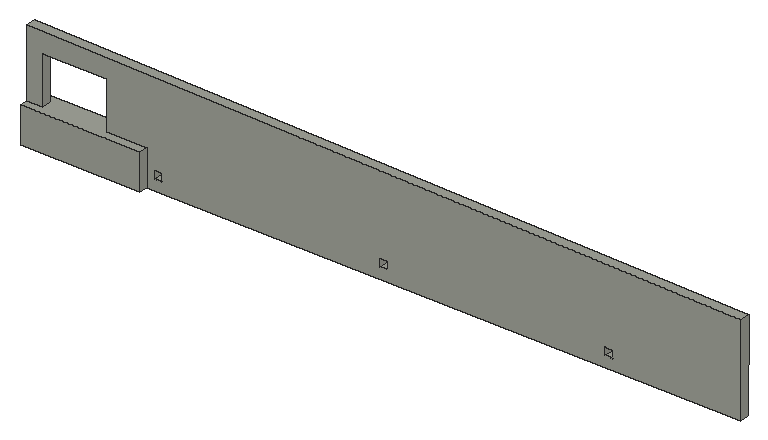
Revit family "CT_Pilotis_Viga_Mestra", category Structural Framing, Revit 2025
Family settings
  Display in Hidden Views = Edges Hidden by Other Members
  Structural Framing Length Roundoff = 0.000 m
  Section Shape = Not Defined
  Material for Model Behavior = Concrete
  Always export as geometry = No
  OmniClass Number = 23.25.30.11.14.14
  OmniClass Title = Beams
  Always vertical = Yes
  Cut with Voids When Loaded = No
  Symbolic Representation = From Family
  Shared = No
  Show family pre-cut in plan views = Yes
Parameters (values of type "VIG_012x130_CON_PLT_MST")
  Structural Material [instance] = CT_Concreto
  Material_Vigas = CT_Concreto
  H2 [instance] = 1.140 m
  Comprimento_Modulo [instance] = 7.480 m
  Assembly Code = ""
  Length [instance] = 8.950 m
  b = 0.120 m
  h = 1.300 m
Reference planes (m)
  plane 1 "Center (Front/Back)": y = 0.04
  plane 2: z = 0
  plane 3 "Center (Left/Right)": x = 4.78261
  plane 4: y = 0.1
  plane 5: y = -0.02
  plane 6: z = 1.3
  plane 7 "Left": x = 0.30761
  plane 8 "Right": x = 9.25761
  plane 9: z = 1.14
Forms (m)
  Extrusion 1, solid, material "CT_Concreto" <- "Material_Vigas"
    sketch origin (0, 0.04, 0) x (1, 0, 0) y (0, 0, 1)
      loop
        line (0.30761, 0) -> (9.25761, 0) -> (9.25761, 1.135927) -> (0.30761, 1.3) -> (0.30761, 0)
      loop
        line (1.90761, 0.235833) -> (1.90761, 0.135833) -> (2.00761, 0.135833) -> (2.00761, 0.235833) -> (1.90761, 0.235833)
      loop
        line (4.73261, 0.235833) -> (4.73261, 0.135833) -> (4.83261, 0.135833) -> (4.83261, 0.235833) -> (4.73261, 0.235833)
      loop
        line (7.55761, 0.235833) -> (7.55761, 0.135833) -> (7.65761, 0.135833) -> (7.65761, 0.235833) -> (7.55761, 0.235833)
      loop
        line (0.50761, 1.05) -> (0.50761, 0.45) -> (1.30761, 0.45) -> (1.30761, 1.05) -> (0.50761, 1.05)
    from -0.06 to 0.06
  Extrusion 2, solid, material "CT_Concreto" <- "Material_Vigas"
    sketch origin (2.22761, -0.16, 0) x (-1, 0, 0) y (0, 0, -1)
      loop
        line (1.92, -0.45) -> (1.92, 0) -> (0.42, 0) -> (0.42, -0.45) -> (1.92, -0.45)
    from -0.36 to -0.04
Cuts and joins
  joined: Extrusion 1, Extrusion 2
Dimensions and locks (m)
  plane 4 to plane 5 = 0.120 m
  plane 2 to plane 6 = 1.300 m
  equal spacing: plane 4, plane 1 "Center (Front/Back)", plane 5
  "Length": plane 7 "Left" to plane 8 "Right"
  equal spacing: plane 7 "Left", plane 3 "Center (Left/Right)", plane 8 "Right"
  "h": plane 6 to plane 2
  "H2": plane 9 to level
  "b": plane 4 to plane 5
  Extrusion 2 to Extrusion 2 = 0.320 m
  equal spacing: Extrusion 2, plane 1 "Center (Front/Back)", Extrusion 2
  aligned and locked: Extrusion 1 to plane 4
  aligned and locked: Extrusion 1 to plane 5
Automatic sketch dimensions
  Extrusion 1 sketch curve to level = 0.000 m
  plane 7 "Left" to Extrusion 1 sketch curve = 0.000 m
  Extrusion 1 sketch curve to plane 8 "Right" = 0.000 m
  Extrusion 1 sketch curve to plane 6 = 0.000 m
  Extrusion 1 sketch curve to plane 7 "Left" = 0.200 m
  Extrusion 1 sketch curve to Extrusion 1 sketch curve = 0.800 m
  level to Extrusion 1 sketch curve = 0.235833 m  (x2)
  Extrusion 1 sketch curve to Extrusion 1 sketch curve = 0.600 m
  Extrusion 1 sketch curve to Extrusion 1 sketch curve = 0.100 m  (x5)
  Extrusion 1 sketch curve to plane 3 "Center (Left/Right)" = 0.050 m
  plane 3 "Center (Left/Right)" to Extrusion 1 sketch curve = 0.050 m
  plane 8 "Right" to Extrusion 1 sketch curve = 1.700 m
  level to Extrusion 1 sketch curve = 0.135833 m
  plane 9 to Extrusion 1 sketch curve = 0.004073 m
  level to Extrusion 1 sketch curve = 0.450 m
  plane 9 to Extrusion 1 sketch curve = 0.090 m
  Extrusion 2 sketch curve to level = 0.000 m
  plane 7 "Left" to Extrusion 2 sketch curve = 0.000 m
  Extrusion 2 sketch curve to plane 7 "Left" = 1.500 m
  level to Extrusion 2 sketch curve = 0.450 m
